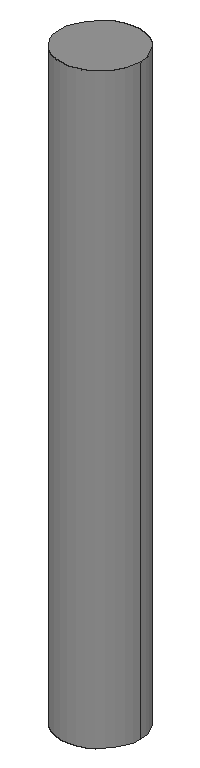
Revit family "KEUCO_56080010100", category Sanitärinstallationen, Revit 2016
Family settings
  Teiletyp = Normal
  Bemaßung runder Anschluss = Durchmesser verwenden
  OmniClass-Nummer = 23.45.00.00
  Arbeitsebenenbasiert = Nein
  Immer vertikal = Ja
  Beim Laden mit Abzugskörper schneiden = Nein
  Gemeinsam genutzt = Nein
  Raumberechnungspunkt = Nein
Parameters (values of type "56080010100")
  Verwendung = "DU / WA"
  URL = "https://www.keuco.com/de/produkte/sortiment/artikel/?pid=56080&oid=6&pgo=1&country=de&lang=de&vid=56080010100"
  Preisgruppe = "1"
  Materialien bei Hersteller anfragen = "Anfrage zu:  objektmanagement@keuco.de"
  Material Kopf [instance] = Stahl, verchromt
  Serie = "IXMO"
  Kategorie = "ARM"
  Hersteller = "KEUCO"  # constant formula
  Gewicht = 1.042
  Beschreibung = "mit Normalstrahl, geräuschgeprüft"
  Ausschreibungstext = "KEUCO  Stabhandbrause 56080010100\r\nHochglanzverchromte Handbrause\r\nMit Normalstrahl\r\nGeräuschverhalten DIN 4109 Gruppe I,"
  ViereckBase = no
  KreisBase = yes
  Artikelnummer = "56080010100"
Reference planes
  plane 1 "Center (Front/Back)": y = 0
  plane 2: z = 0
  plane 3 "Center (Left/Right)": x = 0
  plane 4: z = 187
Forms (mm)
  Extrusion 1, solid, material "Stahl, verchromt" <- "Material Kopf"
    sketch origin (0, 0, 0) x (1, 0, 0) y (0, 1, 0)
      loop
        circle (0, 0) r 12.5
    from 187 to 0
Dimensions and locks
  plane 4 to level = 187 mm
  aligned and locked: level to plane 2
  aligned and locked: level to Extrusion 1
  aligned and locked: Extrusion 1 to plane 4
